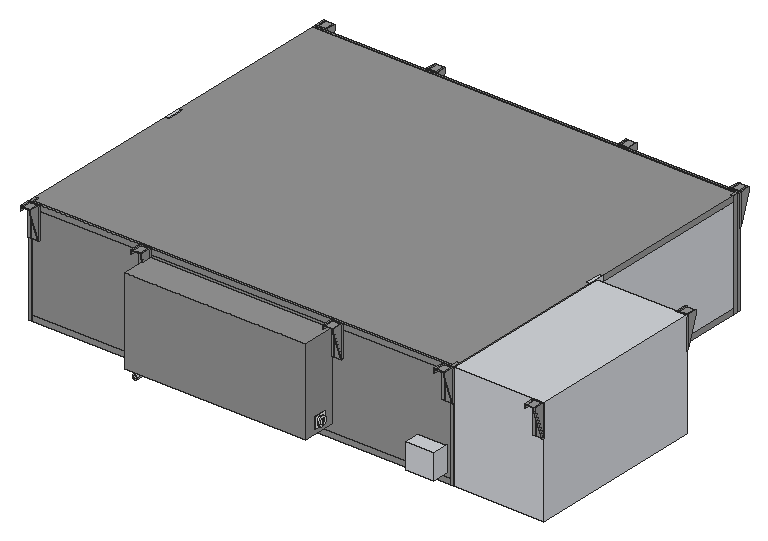
Revit family "НЕВАТОМ_Neiva 2 подвесная CX-Е-R 1500, Версия 2", category Оборудование, Revit 2017
Family settings
  Размер круглого соединителя = Использовать диаметр
  Тип детали = Нормальный
  На основе рабочей плоскости = Да
  Всегда вертикально = Нет
  При загрузке вырезать с полостями = Нет
  Общий = Нет
  Точка расчета площади = Нет
Parameters (values of type "СX-1500-E-R")
  а1 = 40 mm
  а = 527 mm
  Default Elevation = 0 mm
  m = 271 mm
  l1 = 700 mm
  l штуцер = 125 mm
  l двигателя = 350 mm
  l = 470 mm
  k = 20 mm
  h4 = 50 mm
  h3 = 270 mm
  h двигателя = 404 mm
  h = 30 mm
  d штуцер = 0 mm
  b1 = 122.962 mm
  b двигателя = 690 mm
  Nevatom_Производительность = "1000-2000 м³/ч"
  Nevatom_Напорная характеристика, Р1 = 900.0 Pa
  Nevatom_Напорная характеристика, P = 0.0 Pa
  Nevatom_Мощность нагревателя = 12000 W
  Nevatom_Для задания электроснабжения = "380 В"
  Nevatom_URL = "https://t.me/NEVATOM_Bim_bot"
  Nevatom_Q1, м³/ч = 2000.0 m³/h
  Nevatom_Q, м³/ч = 200.0 m³/h
  L = 1642 mm
  H1 = 412 mm
  D PG 16 [instance] = 25 mm
  D PG 11 [instance] = 22 mm
  B = 1382 mm
  ADSK_материал = материал курпуса
  ADSK_Ток = 2.3 A
  ADSK_Расход жидкости = 0.0 m³/h
  ADSK_Расход воздуха = 0.0 m³/h
  ADSK_Размер_Ширина = B  # 1382 mm
  ADSK_Размер_Длина = L  # 1642 mm
  ADSK_Размер_Высота = 412 mm
  ADSK_Примечание = ""
  ADSK_Потеря давления воздуха = 0.0 Pa
  ADSK_Полная мощность = ADSK_Номинальная мощность / ADSK_Коэффициент мощности  # 625 VA
  ADSK_Номинальная мощность = 500 W
  ADSK_Напряжение = 220 V
  ADSK_Наименование = "СX-1500-E-R"
  ADSK_Масса = 186
  ADSK_Марка = "СX-1500-E-R"
  ADSK_Коэффициент мощности = 0.8  # constant formula
  ADSK_Количество фаз = 3
  ADSK_Количество = 1  # constant formula
  ADSK_Код изделия = ""
  ADSK_Классификация нагрузок = Двигатель
  ADSK_Завод-изготовитель = "НЕВАТОМ"  # constant formula
  ADSK_Единица измерения = "шт."
  ADSK_URL документации изделия = ""
  A6 = 320 mm
  A1 = 630 mm
Reference planes
  plane 1 "По центру (Вперед/Назад)": y = 0
  plane 2: z = 0
  plane 3 "По центру (Влево/Вправо)": x = 0
  plane 4: y = 691
  plane 5: y = -691
  plane 6: x = -821
  plane 7: x = 821
  plane 8: z = 412
  plane 9: x = -349
  plane 10: z = 382
  plane 11: z = 20
  plane 12: z = 340
  plane 13: z = 112
  plane 14: z = -30
  plane 15: z = 374
  plane 16: y = -1
  plane 17: z = 362
  plane 18: y = -31
  plane 19: y = 31
  plane 20: y = -661
  plane 21: y = 661
  plane 22: x = 1161.949
Forms (mm)
  Extrusion 1, solid, material "материал курпуса" <- "ADSK_материал"
    sketch origin (-9.051, 0, 0) x (-1, 0, 0) y (0, -1, 0)
      loop
        line (-821, -691) -> (821, -691) -> (821, 691) -> (-821, 691) -> (-821, -691)
    from 0 to 20
  Extrusion 2, solid, material "материал курпуса" <- "ADSK_материал"
    sketch origin (-9.051, 0, 0) x (-1, 0, 0) y (0, -1, 0)
      loop
        line (-349, 691) -> (351, 691) -> (351, 813.962) -> (-349, 813.962) -> (-349, 691)
    from 50 to 382
  Extrusion 3, solid, material "материал курпуса" <- "ADSK_материал"
    sketch origin (-10.357, 0, 283.026) x (-1, 0, 0) y (0, -1, 0)
      loop
        line (-822.306, -691) -> (819.694, -691) -> (819.694, 691) -> (-822.306, 691) -> (-822.306, -691)
    from 108.974 to 128.974
  Extrusion 4, solid, material "материал курпуса" <- "ADSK_материал"
    sketch origin (-9.051, -325, 0) x (-1, 0, 0) y (0, -1, 0)
      loop
        line (-821, -1016) -> (821, -1016) -> (821, -1006) -> (-821, -1006) -> (-821, -1016)
    from 0 to 412
  Extrusion 5, solid, material "материал курпуса" <- "ADSK_материал"
    sketch origin (-9.051, -1228.795, 0) x (-1, 0, 0) y (0, -1, 0)
      loop
        line (-821, -547.795) -> (821, -547.795) -> (821, -537.795) -> (-821, -537.795) -> (-821, -547.795)
    from 0 to 412
  Extrusion 6, solid, material "материал курпуса" <- "ADSK_материал"
    sketch origin (-9.051, -970, 0) x (0, 1, 0) y (0, 0, -1)
      loop
        line (309, -412) -> (309, 0) -> (279, 0) -> (279, -412) -> (309, -412)
    from 809.434 to 821
  Extrusion 7, solid, material "материал курпуса" <- "ADSK_материал"
    sketch origin (1415.949, 0, 0) x (0, 1, 0) y (0, 0, -1)
      loop
        line (691, -412) -> (691, 0) -> (661, 0) -> (661, -412) -> (691, -412)
    from 604 to 615.566
  Extrusion 8, solid, material "материал курпуса" <- "ADSK_материал"
    sketch origin (1415.949, -1046.075, 0) x (0, 1, 0) y (0, 0, -1)
      loop
        line (385.075, -412) -> (385.075, 0) -> (355.075, 0) -> (355.075, -412) -> (385.075, -412)
    from 604 to 615.566
  Extrusion 9, solid
    sketch origin (-9.051, 0, 0) x (0, 1, 0) y (0, 0, -1)
      loop
        line (31, 0) -> (-31, 0) -> (-31, -412) -> (31, -412) -> (31, 0)
    from 809.434 to 821
  Extrusion 10, solid
    sketch origin (1340.949, 0, 0) x (0, 1, 0) y (0, 0, -1)
      loop
        line (31, 0) -> (-31, 0) -> (-31, -412) -> (31, -412) -> (31, 0)
    from 529 to 540.566
  Extrusion 11, solid
    sketch origin (-9.051, 0, 0) x (-1, 0, 0) y (0, -1, 0)
      loop
        line (-1171, 1) -> (-821, 1) -> (-821, 691) -> (-1171, 691) -> (-1171, 1)
    from 0 to 412
  Extrusion 12, solid
    sketch origin (-9.051, 0, 0) x (-1, 0, 0) y (0, -1, 0)
      loop
        line (801.215, -661) -> (821, -661) -> (821, -31) -> (801.215, -31) -> (801.215, -661)
    from 20 to 392
  Extrusion 13, solid
    sketch origin (-9.051, 0, 0) x (1, 0, 0) y (0, 1, 0)
      loop
        line (801.215, 661) -> (801.215, 31) -> (821, 31) -> (821, 661) -> (801.215, 661)
    from 20 to 392
  Extrusion 14, solid
    sketch origin (-9.051, 0, 0) x (-1, 0, 0) y (0, -1, 0)
      loop
        line (801.215, 661) -> (801.215, 31) -> (821, 31) -> (821, 661) -> (801.215, 661)
    from 20 to 392
  Extrusion 15, solid
    sketch origin (-9.051, 0, 0) x (1, 0, 0) y (0, 1, 0)
      loop
        line (801.215, -661) -> (821, -661) -> (821, -31) -> (801.215, -31) -> (801.215, -661)
    from 20 to 342
  Extrusion 16, solid
    sketch origin (0, 0, 0) x (1, 0, 0) y (0, 0, 1)
      loop
        line (676.239, 132.036) -> (676.239, 37.036) -> (786.239, 37.036) -> (786.239, 132.036) -> (676.239, 132.036)
    from 691 to 753
Lines and regions (mm)
  reference lines
    curve 1: line (1314.365, -346, 0) -> (473.711, -346, 0)
    curve 2: line (473.711, -346, 0) -> (-349, 348.341, 0)
    curve 3: line (-349, 348.341, 0) -> (-1034.169, 348.341, 0)
    curve 4: line (-1034.169, -346, 0) -> (-362.033, -346, 0)
    curve 5: line (-362.033, -346, 0) -> (473.711, 348.341, 0)
    curve 6: line (473.711, 348.341, 0) -> (1293.711, 348.341, 0)
    curve 7: line (1314.365, -346, 0) -> (1261.332, -399.033, 0)
    curve 8: line (1314.365, -346, 0) -> (1261.332, -292.967, 0)
    curve 9: line (-9.051, -661, 410) -> (-9.051, -661, 412)
    curve 10: line (-1034.169, 348.341, 0) -> (-1087.202, 295.308, 0)
    curve 11: line (-1034.169, 348.341, 0) -> (-1087.202, 401.374, 0)
    curve 12: line (1293.711, 348.341, 0) -> (1346.744, 295.308, 0)
    curve 13: line (1293.711, 348.341, 0) -> (1346.744, 401.374, 0)
    curve 14: line (-1034.169, -346, 0) -> (-981.136, -399.033, 0)
    curve 15: line (-1034.169, -346, 0) -> (-981.136, -292.967, 0)
Dimensions and locks
  "H1": plane 8 to level
  "A6": plane 11 to plane 12
  "h": plane 8 to plane 10
  "h3": plane 10 to plane 13
  "h4": plane 11 to plane 14
  "h двигателя": plane 15 to plane 14
  plane 10 to plane 17 = 20 mm
  locked: Extrusion 4 to Extrusion 4 at 10
  locked: Extrusion 5 to Extrusion 5 at 10
  locked: plane 20 to Extrusion 5 at 30
  locked: Extrusion 6 to Extrusion 6 at 11.566
  locked: Extrusion 7 to Extrusion 7 at 11.566
  locked: Extrusion 8 to Extrusion 8 at 11.566
  locked: Extrusion 9 to Extrusion 9 at 11.566
  locked: Extrusion 10 to Extrusion 10 at 11.566
  "A1": plane 19 to plane 21
  "A1": plane 18 to plane 20
  Extrusion 12 sketch curve to Extrusion 12 sketch curve = 19.785 mm
  locked: Extrusion 12 to Extrusion 12 at 19.785
  Extrusion 13 sketch curve to Extrusion 13 sketch curve = 19.785 mm
  locked: Extrusion 13 to Extrusion 13 at 19.785
  Extrusion 14 sketch curve to Extrusion 14 sketch curve = 19.785 mm
  locked: Extrusion 14 to Extrusion 14 at 19.785
  Extrusion 15 sketch curve to Extrusion 15 sketch curve = 19.785 mm
  locked: Extrusion 15 to Extrusion 15 at 19.785
  aligned and locked: level to plane 2
  aligned and locked: plane 20 to Extrusion 6
  aligned and locked: plane 20 to Extrusion 8
  aligned and locked: level to Extrusion 9 sketch curve
  aligned and locked: level to Extrusion 10
  aligned and locked: Extrusion 11 sketch curve to plane 22
  aligned and locked: plane 22 to nested 9  (x2)
  aligned and locked: nested 10 to plane 22
  aligned and locked: Extrusion 12 to plane 19
  aligned and locked: plane 21 to Extrusion 12
  aligned and locked: plane 5 to Extrusion 16
Automatic sketch dimensions
  curve 9 to plane 8 = 0 mm
  curve 9 to plane 20 = 0 mm
  curve 9 to plane 8 = 2 mm
  curve 2 to plane 9 = 0 mm
  curve 4 to plane 9 = 13.033 mm
  curve 15 to plane 6 = 213.169 mm
  curve 10 to plane 6 = 213.169 mm
  curve 2 to plane 7 = 347.289 mm
  curve 5 to plane 7 = 347.289 mm
  curve 12 to plane 22 = 131.762 mm
  curve 7 to plane 22 = 152.416 mm
  plane 18 to curve 15 = 315 mm
  plane 18 to curve 2 = 315 mm
  plane 21 to curve 6 = 312.659 mm
  plane 21 to curve 11 = 312.659 mm
  curve 14 to curve 15 = 53.033 mm
  curve 14 to curve 14 = 53.033 mm  (x2)
  curve 11 to curve 3 = 53.033 mm
  curve 10 to curve 3 = 53.033 mm  (x2)
  curve 7 to curve 1 = 53.033 mm  (x2)
  curve 8 to curve 1 = 53.033 mm
  curve 6 to curve 12 = 53.033 mm
  curve 6 to curve 13 = 53.033 mm
  curve 12 to curve 6 = 53.033 mm
  Extrusion 1 sketch curve to plane 5 = 0 mm
  Extrusion 1 sketch curve to plane 4 = 0 mm
  plane 7 to Extrusion 1 sketch curve = 9.051 mm
  plane 6 to Extrusion 1 sketch curve = 9.051 mm
  Extrusion 2 sketch curve to plane 5 = 0 mm
  plane 5 to Extrusion 2 sketch curve = 122.962 mm
  Extrusion 2 sketch curve to plane 3 "По центру (Влево/Вправо)" = 339.949 mm
  plane 9 to Extrusion 2 sketch curve = 11.051 mm
  Extrusion 3 sketch curve to plane 5 = 0 mm
  Extrusion 3 sketch curve to plane 4 = 0 mm
  Extrusion 3 sketch curve to plane 7 = 9.051 mm
  Extrusion 3 sketch curve to plane 6 = 9.051 mm
  Extrusion 4 sketch curve to plane 4 = 0 mm
  Extrusion 4 sketch curve to plane 7 = 9.051 mm
  Extrusion 4 sketch curve to plane 6 = 9.051 mm
  Extrusion 4 sketch curve to Extrusion 4 sketch curve = 10 mm
  Extrusion 5 sketch curve to plane 5 = 0 mm
  Extrusion 5 sketch curve to plane 7 = 9.051 mm
  Extrusion 5 sketch curve to plane 6 = 9.051 mm
  Extrusion 5 sketch curve to Extrusion 5 sketch curve = 10 mm
  Extrusion 6 sketch curve to plane 5 = 0 mm
  Extrusion 6 sketch curve to level = 0 mm
  Extrusion 6 sketch curve to plane 20 = 0 mm
  Extrusion 6 sketch curve to plane 8 = 0 mm
  Extrusion 7 sketch curve to plane 8 = 0 mm
  Extrusion 7 sketch curve to plane 21 = 0 mm
  Extrusion 7 sketch curve to level = 0 mm
  Extrusion 7 sketch curve to plane 4 = 0 mm
  Extrusion 8 sketch curve to plane 5 = 0 mm
  Extrusion 8 sketch curve to level = 0 mm
  Extrusion 8 sketch curve to plane 20 = 0 mm
  Extrusion 8 sketch curve to plane 8 = 0 mm
  Extrusion 9 sketch curve to plane 18 = 0 mm
  Extrusion 9 sketch curve to plane 8 = 0 mm
  Extrusion 9 sketch curve to plane 19 = 0 mm
  Extrusion 10 sketch curve to level = 0 mm
  Extrusion 10 sketch curve to plane 18 = 0 mm
  Extrusion 10 sketch curve to plane 8 = 0 mm
  Extrusion 10 sketch curve to plane 19 = 0 mm
  Extrusion 11 sketch curve to plane 5 = 0 mm
  Extrusion 11 sketch curve to plane 16 = 0 mm
  plane 7 to Extrusion 11 sketch curve = 9.051 mm
  plane 19 to Extrusion 12 sketch curve = 0 mm
  plane 21 to Extrusion 12 sketch curve = 0 mm
  Extrusion 12 sketch curve to plane 6 = 10.735 mm
  plane 19 to Extrusion 13 sketch curve = 0 mm
  plane 21 to Extrusion 13 sketch curve = 0 mm
  Extrusion 13 sketch curve to plane 7 = 28.836 mm
  plane 18 to Extrusion 14 sketch curve = 0 mm
  plane 20 to Extrusion 14 sketch curve = 0 mm
  plane 6 to Extrusion 14 sketch curve = 10.735 mm
  plane 18 to Extrusion 15 sketch curve = 0 mm
  plane 20 to Extrusion 15 sketch curve = 0 mm
  plane 7 to Extrusion 15 sketch curve = 28.836 mm
  Extrusion 16 sketch curve to plane 11 = 17.036 mm
  Extrusion 16 sketch curve to plane 7 = 144.761 mm
  Extrusion 16 sketch curve to plane 7 = 34.761 mm
  plane 13 to Extrusion 16 sketch curve = 20.036 mm
Nested families
  nested 1: "NEVATOM_кронштейн" at (-810.894, -710.399, 285.206) x (-1, 0, 0) z (0, 0, 1), type "NEVATOM_кронштейн"
  nested 2: "NEVATOM_кронштейн" at (789.106, 710.399, 285.206) x (-1, 0, 0) z (0, 0, 1), type "NEVATOM_кронштейн"
  nested 3: "NEVATOM_кронштейн" at (-810.894, 710.399, 285.206) x (-1, 0, 0) z (0, 0, 1), type "NEVATOM_кронштейн"
  nested 4: "NEVATOM_кронштейн" at (359.106, -710.399, 285.206) x (-1, 0, 0) z (0, 0, 1), type "NEVATOM_кронштейн"
  nested 5: "NEVATOM_кронштейн" at (-382.894, 710.399, 285.206) x (-1, 0, 0) z (0, 0, 1), type "NEVATOM_кронштейн"
  nested 6: "NEVATOM_кронштейн" at (789.106, -710.399, 285.206) x (-1, 0, 0) z (0, 0, 1), type "NEVATOM_кронштейн"
  nested 7: "NEVATOM_кронштейн" at (-382.894, -710.399, 285.206) x (-1, 0, 0) z (0, 0, 1), type "NEVATOM_кронштейн"
  nested 8: "NEVATOM_кронштейн" at (359.106, 710.399, 285.206) x (-1, 0, 0) z (0, 0, 1), type "NEVATOM_кронштейн"
  nested 9: "NEVATOM_кронштейн" at (1139.106, -710.399, 285.206) x (-1, 0, 0) z (0, 0, 1), type "NEVATOM_кронштейн"
  nested 10: "NEVATOM_кронштейн" at (1139.106, 18.399, 285.206) x (-1, 0, 0) z (0, 0, 1), type "NEVATOM_кронштейн"
  nested 11: "NEVATOM_штуцер" at (-320.236, -691, 35.087) x (1, 0, 0) z (0, -1, 0), type "NEVATOM_штуцер"
    with d 18 mm
  nested 12: "NEVATOM_выключатель пластик" at (334.949, -753, 92) x (0, 1, 0) z (1, 0, 0), type "NEVATOM_выключатель пластик"
  nested 13: "NEVATOM_кабельный ввод PG" at (260.449, -754.523, 50) x (-1, 0, 0) z (0, 0, -1), D <- "D PG 16", type "Кабельный ввод PG"
    with h 17.5 mm, d 12.5 mm, D 25 mm
  nested 14: "NEVATOM_кабельный ввод PG" at (228.949, -754.523, 50) x (-1, 0, 0) z (0, 0, -1), D <- "D PG 11", type "Кабельный ввод PG"
    with h 15.4 mm, d 11 mm, D 22 mm
  nested 15: "NEVATOM_кабельный ввод PG" at (200.555, -754.523, 50) x (-1, 0, 0) z (0, 0, -1), D <- "D PG 11", type "Кабельный ввод PG"
    with h 15.4 mm, d 11 mm, D 22 mm
  nested 16: "NEVATOM_кабельный ввод PG" at (172.16, -754.523, 50) x (-1, 0, 0) z (0, 0, -1), D <- "D PG 11", type "Кабельный ввод PG"
    with h 15.4 mm, d 11 mm, D 22 mm
  nested 17: "NEVATOM_кабельный ввод PG" at (143.765, -754.523, 50) x (-1, 0, 0) z (0, 0, -1), D <- "D PG 11", type "Кабельный ввод PG"
    with h 15.4 mm, d 11 mm, D 22 mm
  nested 18: "NEVATOM_кабельный ввод PG" at (115.371, -754.523, 50) x (-1, 0, 0) z (0, 0, -1), D <- "D PG 11", type "Кабельный ввод PG"
    with h 15.4 mm, d 11 mm, D 22 mm
  nested 19: "NEVATOM_кабельный ввод PG" at (86.976, -754.523, 50) x (-1, 0, 0) z (0, 0, -1), D <- "D PG 11", type "Кабельный ввод PG"
    with h 15.4 mm, d 11 mm, D 22 mm
  nested 20: "NEVATOM_кабельный ввод PG" at (290.449, -754.523, 50) x (-1, 0, 0) z (0, 0, -1), D <- "D PG 16", type "Кабельный ввод PG"
    with h 17.5 mm, d 12.5 mm, D 25 mm
Connectors
  hvac at (-830.051, -346, 206), driven by "A6", driven by "A1", driven by "ADSK_Расход воздуха"
    settings: on Extrusion 14, index 16, duct flow 0.0 m³/h, flow factor 0, pres drop 0.0 Pa, loss coef 0, conn angle 0.00°, conn width 630 mm, conn height 320 mm, conn diameter 609.6 mm, duct sys type 29, conn prof type 1, flow config 0, flow direction 2, loss method 0, conn ref index 18, conn util no, is conn primary yes, conn desc ""
  hvac at (-830.051, 346, 206), driven by "A6", driven by "A1", driven by "ADSK_Расход воздуха"
    settings: on Extrusion 12, index 17, duct flow 0.0 m³/h, flow factor 0, pres drop 0.0 Pa, loss coef 0, conn angle 0.00°, conn width 630 mm, conn height 320 mm, conn diameter 609.6 mm, duct sys type 29, conn prof type 1, flow config 0, flow direction 1, loss method 0, conn ref index 19, conn util no, is conn primary no, conn desc ""
  hvac at (811.949, 346, 206), driven by "A6", driven by "A1", driven by "ADSK_Расход воздуха"
    settings: on Extrusion 13, index 18, duct flow 0.0 m³/h, flow factor 0, pres drop 0.0 Pa, loss coef 0, conn angle 0.00°, conn width 630 mm, conn height 320 mm, conn diameter 609.6 mm, duct sys type 3, conn prof type 1, flow config 2, flow direction 1, loss method 0, conn ref index 16, conn util no, is conn primary no, conn desc ""
  hvac at (1161.949, -346, 206), driven by "A6", driven by "A1", driven by "ADSK_Расход воздуха"
    settings: on Extrusion 11, index 19, duct flow 0.0 m³/h, flow factor 0, pres drop 0.0 Pa, loss coef 0, conn angle 0.00°, conn width 630 mm, conn height 320 mm, conn diameter 609.6 mm, duct sys type 1, conn prof type 1, flow config 2, flow direction 2, loss method 0, conn ref index 17, conn util no, is conn primary no, conn desc ""
  piping at (-320.236, -816, 35.087), diameter 18, driven by "ADSK_Расход жидкости"
    settings: on nested 11, index 20, connector inside diameter 609.6 mm, connector length 0 mm, flow factor 0, pipe flow 0.0 m³/h, pressure drop 0.0 Pa, fitting loss kfactor 0, connector angle 0.00°, fixture units 0, engagement length 0 mm, angle of deflection 0.00°, flow configuration 0, flow direction 0, fitting loss method 0, system type 8, joint type 0, gender type 0, connector reference index -1, connector utility 0, adjustable connector no, is connector primary yes, connector description ""
  electrical at (86.976, -754.523, 50)
    settings: on nested 19, index 21, voltage 0 V, apparent load 0 VA, apparent load phase1 0 VA, apparent load phase2 0 VA, apparent load phase3 0 VA, power factor 1, load classification "Прочее", number of poles 1, system type 5, power factor state 1, is connector primary yes, connector utility no, sub classification motor no, connector description ""
  electrical at (115.371, -754.523, 50)
    settings: on nested 18, index 22, voltage 0 V, apparent load 0 VA, apparent load phase1 0 VA, apparent load phase2 0 VA, apparent load phase3 0 VA, power factor 1, load classification "Прочее", number of poles 1, system type 5, power factor state 1, is connector primary no, connector utility no, sub classification motor no, connector description ""
  electrical at (143.765, -754.523, 50)
    settings: on nested 17, index 23, voltage 0 V, apparent load 0 VA, apparent load phase1 0 VA, apparent load phase2 0 VA, apparent load phase3 0 VA, power factor 1, load classification "Прочее", number of poles 1, system type 5, power factor state 1, is connector primary no, connector utility no, sub classification motor no, connector description ""
  electrical at (172.16, -754.523, 50)
    settings: on nested 16, index 24, voltage 0 V, apparent load 0 VA, apparent load phase1 0 VA, apparent load phase2 0 VA, apparent load phase3 0 VA, power factor 1, load classification "Прочее", number of poles 1, system type 5, power factor state 1, is connector primary no, connector utility no, sub classification motor no, connector description ""
  electrical at (200.555, -754.523, 50)
    settings: on nested 15, index 25, voltage 0 V, apparent load 0 VA, apparent load phase1 0 VA, apparent load phase2 0 VA, apparent load phase3 0 VA, power factor 1, load classification "Прочее", number of poles 1, system type 5, power factor state 1, is connector primary no, connector utility no, sub classification motor no, connector description ""
  electrical at (228.949, -754.523, 50)
    settings: on nested 14, index 26, voltage 0 V, apparent load 0 VA, apparent load phase1 0 VA, apparent load phase2 0 VA, apparent load phase3 0 VA, power factor 1, load classification "Прочее", number of poles 1, system type 5, power factor state 1, is connector primary no, connector utility no, sub classification motor no, connector description ""
  electrical at (260.449, -754.523, 50), driven by "ADSK_Количество фаз", driven by "ADSK_Напряжение", driven by "ADSK_Полная мощность", driven by "ADSK_Коэффициент мощности"
    settings: on nested 13, index 27, voltage 220 V, apparent load 0 VA, apparent load phase1 625 VA, apparent load phase2 0 VA, apparent load phase3 0 VA, power factor 0.8, load classification "Двигатель", number of poles 3, system type 31, power factor state 1, is connector primary no, connector utility no, sub classification motor no, connector description ""
  electrical at (290.449, -754.523, 50), driven by "ADSK_Количество фаз", driven by "ADSK_Напряжение", driven by "ADSK_Полная мощность", driven by "ADSK_Коэффициент мощности"
    settings: on nested 20, index 28, voltage 220 V, apparent load 0 VA, apparent load phase1 625 VA, apparent load phase2 0 VA, apparent load phase3 0 VA, power factor 0.8, load classification "Двигатель", number of poles 3, system type 31, power factor state 1, is connector primary no, connector utility no, sub classification motor no, connector description ""
Definition of nested family "NEVATOM_кронштейн"
  Reference planes
    plane 1 "По центру (Вперед/Назад)": y = 0
    plane 2: z = 0
    plane 3 "По центру (Влево/Вправо)": x = 0
  Forms (mm)
    Extrusion 1, solid
      sketch origin (-545.844, 366.399, 0) x (0, 1, 0) y (0, 0, 1)
        loop
          line (-351.118, 126.794) -> (-389, 126.794) -> (-389, 111.794) -> (-351.118, 3.126) -> (-351.118, 126.794)
      from 523 to 527.712
    Extrusion 2, solid
      sketch origin (-545.844, 301.399, 0) x (1, 0, 0) y (0, 0, 1)
        loop
          line (557.712, 126.794) -> (557.712, 123.742) -> (561.763, 123.742) -> (561.763, 111.794) -> (565, 111.794) -> (565, 126.794) -> (557.712, 126.794)
      from 286.118 to 324
    Extrusion 3, solid
      sketch origin (-545.844, 301.399, 20) x (1, 0, 0) y (0, 0, 1)
        loop
          line (565, -16.874) -> (565, 106.794) -> (553, 106.794) -> (553, -16.874) -> (565, -16.874)
      from 282 to 286.118
    Extrusion 4, solid
      sketch origin (-545.844, 301.399, 20) x (1, 0, 0) y (0, 0, 1)
        loop
          line (565, -16.874) -> (565, 106.794) -> (523, 106.794) -> (523, -16.874) -> (565, -16.874)
      from 282 to 286.118
    Extrusion 5, solid
      sketch origin (-545.844, 301.399, 0) x (1, 0, 0) y (0, 0, 1)
        loop
          line (527.712, 126.794) -> (527.712, 123.742) -> (561.763, 123.742) -> (561.763, 111.794) -> (565, 111.794) -> (565, 126.794) -> (527.712, 126.794)
      from 286.118 to 324
  Dimensions and locks
    aligned and locked: level to plane 2
Definition of nested family "NEVATOM_штуцер"
  Parameters (values of type "NEVATOM_штуцер")
    Default Elevation = 1219.2 mm
    h = 125 mm
    d1 = 15 mm
    d [instance] = 18 mm
  Reference planes
    plane 1 "По центру (Вперед/Назад)": y = 0
    plane 2: z = 0
    plane 3 "По центру (Влево/Вправо)": x = 0
    plane 4: z = 125
  Forms (mm)
    Extrusion 1, solid
      sketch origin (0, 0, 0) x (1, 0, 0) y (0, 1, 0)
        loop
          line (-1219.2, 1219.2) -> (-1219.2, -1219.2) -> (1219.2, -1219.2) -> (1219.2, 1219.2) -> (-1219.2, 1219.2)
      from 0 to -304.8
    Extrusion 2, solid
      sketch origin (0, 0, 0) x (1, 0, 0) y (0, 1, 0)
        loop
          circle (0, 0) r 9
        loop
          circle (0, 0) r 7.5
      from 0 to 125
  Dimensions and locks
    "h": plane 4 to level
    "d1": diameter of Extrusion 2 sketch curve
    "d": diameter of Extrusion 2 sketch curve
    aligned and locked: plane 2 to Extrusion 1
    aligned and locked: level to Extrusion 1
    aligned and locked: Extrusion 2 to level
    aligned and locked: plane 4 to Extrusion 2
  Automatic sketch dimensions
    Extrusion 1 sketch curve to Extrusion 1 sketch curve = 2438.4 mm  (x2)
    Extrusion 2 sketch curve to Extrusion 2 sketch curve = 0 mm  (x2)
    plane 1 "По центру (Вперед/Назад)" to Extrusion 2 sketch curve = 0 mm
    Extrusion 2 sketch curve to plane 3 "По центру (Влево/Вправо)" = 0 mm
Definition of nested family "NEVATOM_выключатель пластик"
  Parameters (values of type "NEVATOM_выключатель пластик")
    Default Elevation = 1219.2 mm
    h = 18 mm
    b = 44 mm
    a = 44 mm
  Reference planes
    plane 1 "По центру (Вперед/Назад)": y = 0
    plane 2: z = 0
    plane 3 "По центру (Влево/Вправо)": x = 0
    plane 4: x = -22
    plane 5: x = 22
    plane 6: y = -22
    plane 7: y = 22
    plane 8: z = 18
  Forms (mm)
    Extrusion 1, solid
      sketch origin (0, 0, 0) x (1, 0, 0) y (0, 1, 0)
        loop
          line (-22, 22) -> (-22, -22) -> (22, -22) -> (22, 22) -> (-22, 22)
      from 5 to 10
    Extrusion 2, solid
      sketch origin (0, 0, 0) x (1, 0, 0) y (0, 1, 0)
        loop
          circle (0, 0) r 17.083
        loop
          circle (0, 0) r 13.032
      from 10 to 20
    Extrusion 3, solid
      sketch origin (0, 0, 0) x (1, 0, 0) y (0, 1, 0)
        loop
          line (-1.523, -13.032) -> (1.565, -13.032) -> (1.565, 12.938) -> (-1.523, 12.938) -> (-1.523, -13.032)
      from 5 to 20
  Cuts and joins
    joined: Extrusion 1, Extrusion 2
  Dimensions and locks
    equal spacing: plane 7, plane 1 "По центру (Вперед/Назад)", plane 6
    "a": plane 7 to plane 6
    equal spacing: plane 4, plane 3 "По центру (Влево/Вправо)", plane 5
    "b": plane 4 to plane 5
    "h": plane 8 to level
    aligned and locked: level to plane 2
  Automatic sketch dimensions
    Extrusion 1 sketch curve to plane 4 = 0 mm
    Extrusion 1 sketch curve to plane 5 = 0 mm
    Extrusion 1 sketch curve to plane 6 = 0 mm
    Extrusion 1 sketch curve to plane 7 = 0 mm
    Extrusion 2 sketch curve to Extrusion 2 sketch curve = 0 mm  (x2)
    plane 1 "По центру (Вперед/Назад)" to Extrusion 2 sketch curve = 0 mm
    Extrusion 2 sketch curve to plane 3 "По центру (Влево/Вправо)" = 0 mm
    Extrusion 3 sketch curve to plane 3 "По центру (Влево/Вправо)" = 1.523 mm
    plane 3 "По центру (Влево/Вправо)" to Extrusion 3 sketch curve = 1.565 mm
    plane 6 to Extrusion 3 sketch curve = 8.968 mm
    Extrusion 3 sketch curve to plane 7 = 9.062 mm
    radius of Extrusion 2 sketch curve = 17.083 mm
    radius of Extrusion 2 sketch curve = 13.032 mm
Definition of nested family "NEVATOM_кабельный ввод PG"
  Parameters (values of type "Кабельный ввод PG")
    Default Elevation = 1219.2 mm
    h [instance] = 0.7 * D  # 21 mm
    d [instance] = 0.5 * D  # 15 mm
    D [instance] = 30 mm
  Reference planes
    plane 1 "По центру (Вперед/Назад)": y = 0
    plane 2: z = 0
    plane 3 "По центру (Влево/Вправо)": x = 0
    plane 4: y = 15
    plane 5: y = -15
    plane 6: x = -15
    plane 7: x = 15
    plane 8: through (0, 0, 1219.2) normal (-0.7071, 0.7071, 0)
    plane 9: through (0, 0, 1219.2) normal (-0.7071, -0.7071, 0)
    plane 10: through (10.607, -10.607, 1219.2) normal (-0.7071, 0.7071, 0)
    plane 11: through (-10.607, 10.607, 1219.2) normal (-0.7071, 0.7071, 0)
    plane 12: through (10.607, 10.607, 1219.2) normal (-0.7071, -0.7071, 0)
    plane 13: through (-10.607, -10.607, 1219.2) normal (-0.7071, -0.7071, 0)
    plane 14: z = 30
    plane 15: z = 21
  Forms (mm)
    Extrusion 1, solid
      sketch origin (0, 0, 0) x (1, 0, 0) y (0, 1, 0)
        loop
          line (-1219.2, 1219.2) -> (-1219.2, -1219.2) -> (1219.2, -1219.2) -> (1219.2, 1219.2) -> (-1219.2, 1219.2)
      from 0 to -304.8
    Extrusion 2, solid
      sketch origin (0, 0, 0) x (1, 0, 0) y (0, 1, 0)
        loop
          line (-6.213, 15) -> (-15, 6.213) -> (-15, -6.213) -> (-6.213, -15) -> (6.213, -15) -> (15, -6.213) -> (15, 6.213) -> (6.213, 15) -> (-6.213, 15)
      from 0 to 21
    Blend 3, solid
      base sketch origin (0, 0, 0) x (1, 0, 0) y (0, 1, 0)
        loop
          circle (0, 0) r 15
      top sketch origin (0, 0, 0) x (1, 0, 0) y (0, 1, 0)
        loop
          circle (0, 0) r 7.5
      from 21 to 30
    Extrusion 4, void
      sketch origin (0, 0, 0) x (1, 0, 0) y (0, 1, 0)
        loop
          circle (0, 0) r 7.5
      from 0 to 30
  Cuts and joins
    Extrusion 4 cuts Extrusion 2
    Extrusion 4 cuts Blend 3
    joined: Extrusion 2, Blend 3
  Dimensions and locks
    equal spacing: plane 6, plane 3 "По центру (Влево/Вправо)", plane 7
    equal spacing: plane 4, plane 1 "По центру (Вперед/Назад)", plane 5
    "D": plane 6 to plane 7
    "D": plane 4 to plane 5
    equal spacing: plane 11, plane 8, plane 10
    "D": plane 11 to plane 10
    equal spacing: plane 12, plane 9, plane 13
    "D": plane 12 to plane 13
    "D": plane 14 to Extrusion 1
    "h": plane 15 to Extrusion 1
    "D": diameter of Blend 3 sketch curve
    "d": diameter of Blend 3 sketch curve
    "d": diameter of Extrusion 4 sketch curve
    aligned and locked: plane 2 to Extrusion 1
    aligned and locked: level to Extrusion 1
    aligned and locked: Extrusion 2 sketch curve to plane 4
    aligned and locked: Extrusion 2 sketch curve to plane 12
    aligned and locked: plane 7 to Extrusion 2 sketch curve
    aligned and locked: plane 10 to Extrusion 2 sketch curve
    aligned and locked: plane 5 to Extrusion 2 sketch curve
    aligned and locked: plane 13 to Extrusion 2 sketch curve
    aligned and locked: Extrusion 2 sketch curve to plane 6
    aligned and locked: Extrusion 2 sketch curve to plane 11
    aligned and locked: plane 15 to Extrusion 2
    aligned and locked: plane 14 to Blend 3
    aligned and locked: Blend 3 to plane 15
    aligned and locked: plane 14 to Extrusion 4
  Automatic sketch dimensions
    Extrusion 1 sketch curve to Extrusion 1 sketch curve = 2438.4 mm  (x2)
    plane 1 "По центру (Вперед/Назад)" to Blend 3 sketch curve = 0 mm  (x2)
    Blend 3 sketch curve to plane 3 "По центру (Влево/Вправо)" = 0 mm  (x2)
    plane 1 "По центру (Вперед/Назад)" to Extrusion 4 sketch curve = 0 mm
    Extrusion 4 sketch curve to plane 3 "По центру (Влево/Вправо)" = 0 mm
